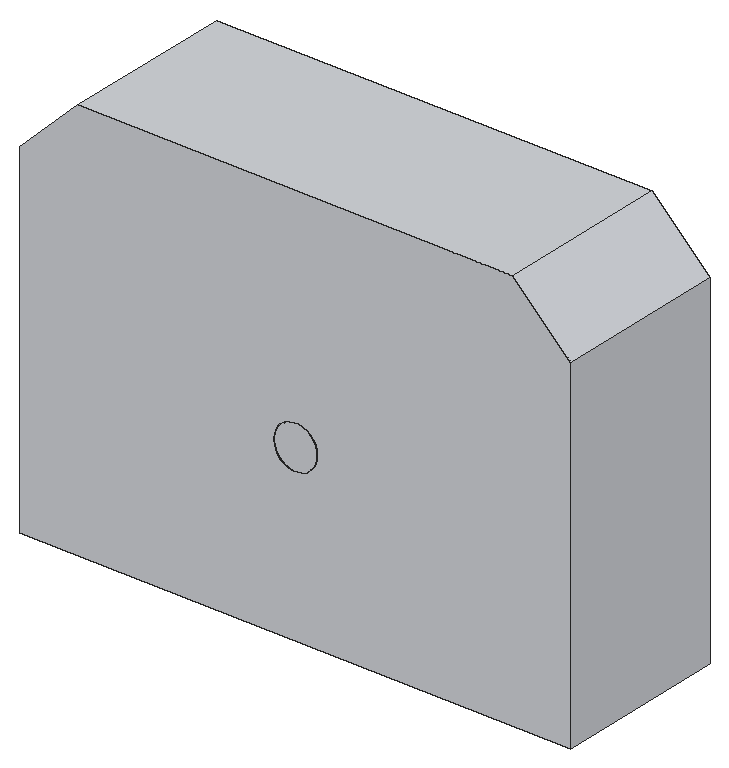
Revit family "M_Lavatory - Wall Mounted", category Plumbing Fixtures, host Face, Revit 2023
Family settings
  Host = Face
  Round Connector Dimension = Use Radius
  Part Type = Normal
  Enable Cutting in Views = No
  Cut with Voids When Loaded = No
  Maintain Annotation Orientation = No
  Shared = No
  Room Calculation Point = No
Parameters (values of type "485 mmx355 mm - Public")
  Lavatory Width = 485 mm
  WFU = 1
  Sink Material = none
  Sanitary Connector Width = Lavatory Width / 2 - 50 mm  # 192.5 mm
  Sanitary Connector Height = 28.5 mm
  Lavatory Length = 355 mm
  Hot Water Radius = 7.5 mm
  Hot Water Diameter = Hot Water Radius * 2  # 15 mm
  Half Lavatory Width = Lavatory Width / 2  # 242.5 mm
  HWFU = 1.5
  Flow Pressure [instance] = 55158.0 Pa
  Faucet Material = none
  Faucet Length = 100 mm * cos(30.00°)  # 86.603 mm
  Sanitary Radius = 16 mm
  Sanitary Diameter = Sanitary Radius * 2  # 32 mm
  Default Elevation = 865 mm
  Cross Length 2 = Lavatory Length - 50 mm - Cross Length 1  # 284.289 mm
  Cross Length 1 = 50 mm / sin(45.00°) - 50 mm  # 20.711 mm
  Connector Width 2 = Lavatory Width / 2 + 100 mm  # 342.5 mm
  Connector Width 1 = Lavatory Width / 2 - 100 mm  # 142.5 mm
  Connector Height 1 = 100 mm
  Cold Water Radius = 7.5 mm
  Cold Water Diameter = Cold Water Radius * 2  # 15 mm
  CWFU = 1.5
Reference planes
  plane 1 "Center (Front/Back)": y = 0
  plane 2 "Center (Elevation)": z = 0
  plane 3 "Center (Left/Right)": x = 0
  plane 4 "bottom": y = -152.4
  plane 5 "Front": z = 355
  plane 6 "Left": x = -242.5
  plane 7 "Right": x = 242.5
  plane 8: x = 191.7
  plane 9: z = 304.2
  plane 10: x = -191.7
  plane 11 "Inner Bottom": y = -127
  plane 12: z = 114.3
  plane 13: x = -170.989
  plane 14: x = 170.989
  plane 15: x = 76.2
  plane 16: x = -76.2
  plane 17: x = 50.8
  plane 18: x = -50.8
  plane 19: z = 152.4
  plane 20: z = 28.575
  plane 21 "Faucet Bottom": z = 79.375
  plane 22 "faucet": z = 53.975
  plane 23: y = 25.4
  plane 24: y = 63.5
  plane 25: z = 284.289
  plane 26 "Faucet Front": z = 165.978
  plane 27 "Faucet Front 2": y = 50.8
  plane 28: y = 63.5
  plane 29 "LIS": y = 38.1
  plane 30: x = -12.7
  plane 31: x = 12.7
  plane 32: y = -76.2
Forms (mm)
  Extrusion 1, solid, material <- "Sink Material"
    sketch origin (0, 0, 0) x (1, 0, 0) y (0, 0, 1)
      loop
        line (-191.7, 355) -> (-242.5, 304.2) -> (-242.5, 0) -> (242.5, 0) -> (242.5, 304.2) -> (191.7, 355) -> (-191.7, 355)
    from 0 to 152.4
  Extrusion 2, void
    sketch origin (0, 0, 0) x (1, 0, 0) y (0, 0, 1)
      loop
        circle (0, 152.4) r 19.05
    from 127 to 152.4
  Extrusion 3, solid, material <- "Faucet Material", detail levels fine
    sketch origin (0, 0, 0) x (1, 0, 0) y (0, 0, 1)
      loop
        line (76.2, 79.375) -> (-76.2, 79.375) -> (-76.2, 28.575) -> (76.2, 28.575) -> (76.2, 79.375)
    from -25.4 to 0
  Extrusion 4, solid, material <- "Faucet Material", detail levels fine
    sketch origin (0, 0, 0) x (1, 0, 0) y (0, 0, 1)
      loop
        circle (50.8, 53.975) r 19.05
    from -63.5 to -25.4
  Extrusion 5, void
    sketch origin (0, 0, 0) x (1, 0, 0) y (0, 0, 1)
      loop
        line (-170.989, 304.2) -> (-191.7, 284.289) -> (-191.7, 114.3) -> (191.7, 114.3) -> (191.7, 284.289) -> (170.989, 304.2) -> (-170.989, 304.2)
    from 0 to 127
  Blend 6, solid, material <- "Faucet Material", detail levels fine
    base sketch origin (0, 0, 79.375) x (1, 0, 0) y (0, 1, 0)
      loop
        line (-12.7, 25.4) -> (-12.7, 0) -> (12.7, 0) -> (12.7, 25.4) -> (-12.7, 25.4)
    top sketch origin (0, 0, 165.978) x (0, 1, 0) y (-1, 0, 0)
      loop
        line (63.5, 12.7) -> (38.1, 12.7) -> (38.1, -12.7) -> (63.5, -12.7) -> (63.5, 12.7)
    from 0 to 0
  Extrusion 7, solid, material <- "Faucet Material", detail levels fine
    sketch origin (0, 0, 0) x (1, 0, 0) y (0, 0, 1)
      loop
        circle (-50.8, 53.975) r 19.05
    from -63.5 to -25.4
  Extrusion 8, solid, material <- "Sink Material"
    sketch origin (0, 0, 0) x (1, 0, 0) y (0, 0, 1)
      loop
        circle (0, 152.4) r 19.05
    from 127 to 152.4
Cuts and joins
  Extrusion 2, Extrusion 5 cuts Extrusion 1
Dimensions and locks
  equal spacing: plane 7 "Right", plane 3 "Center (Left/Right)", plane 6 "Left"
  "Half Lavatory Width": plane 3 "Center (Left/Right)" to plane 6 "Left"
  "Lavatory Length": plane 5 "Front" to plane 2 "Center (Elevation)"
  locked: plane 10 to plane 6 "Left" at 50.8
  locked: plane 7 "Right" to plane 8 at 50.8
  locked: plane 5 "Front" to plane 9 at 50.8
  locked: plane 1 "Center (Front/Back)" to plane 4 "bottom" at 152.4
  locked: plane 1 "Center (Front/Back)" to plane 11 "Inner Bottom" at 127
  locked: plane 12 to host face at 114.3
  "Cross Length 1": plane 13 to plane 10
  "Cross Length 1": plane 14 to plane 8
  equal spacing: plane 16, plane 3 "Center (Left/Right)", plane 15
  locked: plane 3 "Center (Left/Right)" to plane 15 at 76.2
  equal spacing: plane 18, plane 3 "Center (Left/Right)", plane 17
  locked: plane 3 "Center (Left/Right)" to plane 17 at 50.8
  locked: plane 12 to plane 19 at 38.1
  equal spacing: plane 20, plane 22 "faucet", plane 21 "Faucet Bottom"
  locked: plane 20 to plane 22 "faucet" at 25.4
  locked: plane 23 to plane 1 "Center (Front/Back)" at 25.4
  locked: plane 24 to plane 23 at 38.1
  locked: plane 2 "Center (Elevation)" to plane 22 "faucet" at 53.975
  "Cross Length 2": plane 25 to plane 2 "Center (Elevation)"
  "Faucet Length": plane 26 "Faucet Front" to plane 21 "Faucet Bottom"
  locked: plane 27 "Faucet Front 2" to plane 1 "Center (Front/Back)" at 50.8
  plane 28 to plane 27 "Faucet Front 2" = 12.7 mm
  plane 27 "Faucet Front 2" to plane 29 "LIS" = 12.7 mm
  equal spacing: plane 30, plane 3 "Center (Left/Right)", plane 31
  plane 30 to plane 3 "Center (Left/Right)" = 12.7 mm
  equal spacing: plane 4 "bottom", plane 32, plane 1 "Center (Front/Back)"
  "Connector Width 1": connector elem to plane 7 "Right"
  "Connector Height 1": connector elem to plane 23  (x2)
  "Connector Width 2": connector elem to plane 7 "Right"
  radius of Extrusion 2 sketch curve = 19.05 mm
  radius of Extrusion 8 sketch curve = 19.05 mm
  aligned and locked: plane 2 "Center (Elevation)" to host face
  aligned and locked: level to host face
  aligned and locked: plane 5 "Front" to Extrusion 1 sketch curve
  aligned and locked: plane 10 to Extrusion 1 sketch curve
  aligned and locked: plane 8 to Extrusion 1 sketch curve
  aligned and locked: plane 7 "Right" to Extrusion 1 sketch curve
  aligned and locked: plane 9 to Extrusion 1 sketch curve  (x2)
  aligned and locked: plane 2 "Center (Elevation)" to Extrusion 1 sketch curve  (x2)
  aligned and locked: Extrusion 1 sketch curve to plane 6 "Left"
  aligned and locked: Extrusion 1 to plane 1 "Center (Front/Back)"
  aligned and locked: Extrusion 1 to plane 4 "bottom"
  aligned and locked: Extrusion 2 to plane 4 "bottom"
  aligned and locked: Extrusion 2 to plane 11 "Inner Bottom"
  aligned and locked: plane 3 "Center (Left/Right)" to Extrusion 2 sketch curve
  aligned and locked: plane 19 to Extrusion 2 sketch curve
  aligned and locked: Extrusion 3 sketch curve to plane 21 "Faucet Bottom"
  aligned and locked: Extrusion 3 sketch curve to plane 16
  aligned and locked: plane 20 to Extrusion 3 sketch curve
  aligned and locked: plane 15 to Extrusion 3 sketch curve
  aligned and locked: plane 1 "Center (Front/Back)" to Extrusion 3
  aligned and locked: Extrusion 4 to plane 24
  aligned and locked: Extrusion 4 to Extrusion 3
  aligned and locked: Extrusion 5 to plane 1 "Center (Front/Back)"
  aligned and locked: plane 11 "Inner Bottom" to Extrusion 5
  aligned and locked: plane 9 to Extrusion 5
  aligned and locked: Extrusion 5 to plane 12
  aligned and locked: Extrusion 5 sketch curve to plane 9
  aligned and locked: plane 10 to Extrusion 5 sketch curve  (x2)
  aligned and locked: plane 9 to Extrusion 5 sketch curve
  aligned and locked: plane 14 to Extrusion 5 sketch curve
  aligned and locked: plane 25 to Extrusion 5 sketch curve  (x2)
  aligned and locked: plane 8 to Extrusion 5 sketch curve  (x2)
  aligned and locked: plane 12 to Extrusion 5 sketch curve  (x2)
  aligned and locked: plane 13 to Extrusion 5 sketch curve
  aligned and locked: plane 30 to Blend 6 sketch curve  (x2)
  aligned and locked: plane 23 to Blend 6 sketch curve
  aligned and locked: plane 1 "Center (Front/Back)" to Blend 6 sketch curve
  aligned and locked: Blend 6 sketch curve to plane 31  (x2)
  aligned and locked: plane 24 to Blend 6 sketch curve
  aligned and locked: plane 29 "LIS" to Blend 6 sketch curve
  aligned and locked: plane 9 to cut or joined group of Extrusion 1, Extrusion 2, Extrusion 5
  aligned and locked: cut or joined group of Extrusion 1, Extrusion 2, Extrusion 5 to plane 10
  aligned and locked: cut or joined group of Extrusion 1, Extrusion 2, Extrusion 5 to plane 12
  aligned and locked: plane 8 to cut or joined group of Extrusion 1, Extrusion 2, Extrusion 5
  aligned and locked: plane 5 "Front" to cut or joined group of Extrusion 1, Extrusion 2, Extrusion 5
  aligned and locked: plane 7 "Right" to cut or joined group of Extrusion 1, Extrusion 2, Extrusion 5
  aligned and locked: plane 21 "Faucet Bottom" to Extrusion 3
  aligned and locked: plane 18 to Extrusion 7 sketch curve
  aligned and locked: plane 22 "faucet" to Extrusion 7 sketch curve
  aligned and locked: Extrusion 7 to Extrusion 4
  aligned and locked: Extrusion 7 to Extrusion 3
  aligned and locked: plane 3 "Center (Left/Right)" to Extrusion 8 sketch curve
  aligned and locked: plane 19 to Extrusion 8 sketch curve
  aligned and locked: Extrusion 8 to plane 4 "bottom"
  aligned and locked: Extrusion 8 to plane 11 "Inner Bottom"
Automatic sketch dimensions
  Extrusion 4 sketch curve to plane 17 = 0 mm
  Extrusion 4 sketch curve to plane 22 "faucet" = 0 mm
  host sketch curve to host sketch curve = 1435 mm
  host sketch curve to host sketch curve = 2184.4 mm
  radius of Extrusion 4 sketch curve = 19.05 mm
  radius of Extrusion 7 sketch curve = 19.05 mm
Connectors
  piping at (100, -74.6, 0), diameter 15, driven by "Cold Water Radius", driven by "CWFU", driven by "Flow Pressure"
    settings: on plane 2 "Center (Elevation)", index 1, connector inside diameter 15 mm, connector length 0 mm, flow factor 0, pipe flow 0.0 L/s, pressure drop 55158.0 Pa, fitting loss kfactor 0, connector angle 0.00°, fixture units 1.5, engagement length 0 mm, angle of deflection 0.00°, flow configuration 3, flow direction 1, fitting loss method 4, system type 20, joint type 0, gender type 0, connector reference index -1, connector utility 0, adjustable connector no, is connector primary yes, connector description "In"
  piping at (-100, -74.6, 0), diameter 15, driven by "Hot Water Radius", driven by "HWFU", driven by "Flow Pressure"
    settings: on plane 2 "Center (Elevation)", index 2, connector inside diameter 15 mm, connector length 0 mm, flow factor 0, pipe flow 0.0 L/s, pressure drop 55158.0 Pa, fitting loss kfactor 0, connector angle 0.00°, fixture units 1.5, engagement length 0 mm, angle of deflection 0.00°, flow configuration 3, flow direction 1, fitting loss method 4, system type 19, joint type 0, gender type 0, connector reference index -1, connector utility 0, adjustable connector no, is connector primary no, connector description "In"
  piping at (0, -152.4, 152.4), diameter 32, driven by "Sanitary Radius", driven by "WFU"
    settings: on cut or joined group of Extrusion 1, Extrusion 2, Extrusion 5, index 3, connector inside diameter 32 mm, connector length 0 mm, flow factor 0, pipe flow 0.0 L/s, pressure drop 0.0 Pa, fitting loss kfactor 0, connector angle 0.00°, fixture units 1, engagement length 0 mm, angle of deflection 0.00°, flow configuration 3, flow direction 2, fitting loss method 0, system type 16, joint type 0, gender type 0, connector reference index -1, connector utility 0, adjustable connector no, is connector primary no, connector description "Out"
